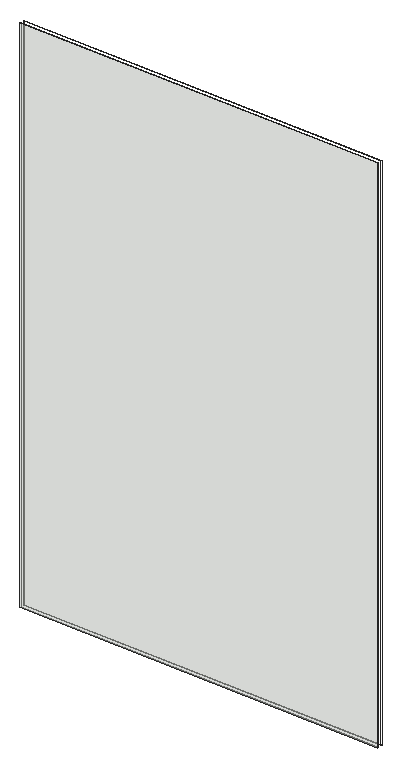
Revit family "Building-Materials_Glass-Glazing_Vitro-Architectural-Glass_SOLARBAN-72", category Curtain Panels, Revit 2026
Family settings
  Classification Number = 23.25.20.14.11.11.17
  Always vertical = Yes
  Cut with Voids When Loaded = No
  Shared = No
Parameters (values of type "Solarban 72 (2) Acuity + Acuity")
  Visual Light Transmittance = if(Glass Code = 1, 0.54, if(Glass Code = 2, 0.68, if(Glass Code = 3, 0.67, 0)))  # 0.67
  UV Light Transmittance = 0.8
  URL = "https://www.vitroglazings.com/"
  U-Value Argon (Winter Night) = 0.2400 BTU/(h·ft²·°F)
  U-Value Argon (Summer Day) = 0.2100 BTU/(h·ft²·°F)
  U-Value Air (Winter Night) = 0.2800 BTU/(h·ft²·°F)
  U-Value Air (Summer Day) = 0.2600 BTU/(h·ft²·°F)
  Total Thickness = Airspace Thickness + [1st Lite Thickness] + [2nd Lite Thickness]  # 0' - 1"
  Thermal Resistance (R) = 8.3333 (h·ft²·°F)/BTU  # constant formula
  Solar Light Transmittance = 0.25
  Solar Heat Gain Coefficient = if(Glass Code = 1, 0.29, if(Glass Code = 2, 0.28, if(Glass Code = 3, 0.28, 0)))  # 0.28
  Shadow Coefficient = 0.32
  Reflectance (Visible Interior) = 14
  Reflectance (Visible Exterior) = 13
  Product data url = "https://www.bimobject.com/vitroarchictecturalglass/product/solarban-glass"
  Product Page URL = "https://www.vitroglazings.com/products/low-e-glass/solarban-72-glass/"
  Product Guid = "b0a5e737-cc59-4a7b-9f32-c2b4f36f3ffc"
  Model = "Solarban 72 (2) Acuity + Acuity"
  Manufacturer = "Vitro Architectural Glass "  # constant formula
  Light to Solar Gain = 2.39
  Keynote = "08900"  # constant formula
  Interior Glass Material = Vitro Architectural-Glass - Acuity
  ISO Damage Weighted Transmittance = 0.462
  Heat Transfer Coefficient (U) = 0.2900 BTU/(h·ft²·°F)  # constant formula
  Glass Code = 3
  Finish = "Glass"  # constant formula
  Exterior Glass Material = Vitro Architectural-Glass - Solarban 72 (2) Acuity
  Description = "Solarban® 72 glass provides high visible light transmittance (VLT), exceptional clarity and superior solar control performance. The exceptionally clear aesthetic makes it the ideal choice for both interior and exterior applications, such as vision and spandrel glass."  # constant formula
  Define Thermal Properties by = Schematic Type
  Assembly Code = "B2020220"
  Analytic Construction = "Low-E double glazing (1/4 in + 1/4 in)"
  Airspace Thickness = 0' - 0 1/2"  # constant formula
  2nd Lite Thickness = 0' - 0 1/4"  # constant formula
  1st Lite Thickness = 0' - 0 1/4"  # constant formula
Types (2): name | Visual Light Transmittance | UV Light Transmittance | Solar Light Transmittance | Model | Light to Solar Gain | Interior Glass Material | ISO Damage Weighted Transmittance | Glass Code | Exterior Glass Material
  Solarban 72 (2) Starphire + Starphire | 0.68 | 0.9 | 0.26 | "Solarban 72 (2) Starphire + Starphire" | 2.43 | Vitro Architectural-Glass - Starphire | 0.471 | 2 | Vitro Architectural-Glass - Solarban 72 (2) Starphire
  Solarban 72 (2) Acuity + Acuity | 0.67 | 0.8 | 0.25 | "Solarban 72 (2) Acuity + Acuity" | 2.39 | Vitro Architectural-Glass - Acuity | 0.462 | 3 | Vitro Architectural-Glass - Solarban 72 (2) Acuity
Reference planes (in)
  plane 1 "Front": y = 0
  plane 2: z = 0
  plane 3 "Center (Left/Right)": x = 0
  plane 4 "Left": x = -32.75106
  plane 5 "Right": x = 32.75106
  plane 6 "Top": z = 96
  plane 7: y = 0.25
  plane 8: y = -0.25
Forms (in)
  Extrusion 1, solid, material "Vitro Architectural-Glass - Acuity" <- "Interior Glass Material"
    sketch origin (0, 0.5, 0) x (1, 0, 0) y (0, 1, 0)
      loop
        line (-32.75106, 0) -> (-32.75106, -0.25) -> (32.75106, -0.25) -> (32.75106, 0) -> (-32.75106, 0)
    from 0 to 96
  Extrusion 2, solid, material "Vitro Architectural-Glass - Solarban 72 (2) Acuity" <- "Exterior Glass Material"
    sketch origin (0, -0.5, 0) x (1, 0, 0) y (0, 1, 0)
      loop
        line (-32.75106, 0.25) -> (-32.75106, 0) -> (32.75106, 0) -> (32.75106, 0.25) -> (-32.75106, 0.25)
    from 0 to 96
Text (in)
  text "Exterior" at (-54.29358, 31.38743, 0), in view "Ref. Level"
  text "Exterior" at (480, 41.53993, 89.60405), in view "Right"
  text "Exterior" at (-240, 57.82419, 105.78864), in view "Left"
Dimensions and locks (in)
  equal spacing: plane 4 "Left", plane 3 "Center (Left/Right)", plane 5 "Right"
  "2nd Lite Thickness": Extrusion 2 sketch curve to Extrusion 2 sketch curve
  equal spacing: plane 7, plane 1 "Front", plane 8
  "Airspace Thickness": plane 7 to plane 8
  "1st Lite Thickness": Extrusion 1 sketch curve to plane 7
  "Total Thickness": Extrusion 2 to Extrusion 1
  aligned and locked: level to plane 2
  aligned and locked: Extrusion 1 sketch curve to plane 4 "Left"
  aligned and locked: plane 5 "Right" to Extrusion 1 sketch curve
  aligned and locked: plane 5 "Right" to Extrusion 2 sketch curve
  aligned and locked: Extrusion 2 sketch curve to plane 4 "Left"
  aligned and locked: Extrusion 1 to plane 6 "Top"
  aligned and locked: Extrusion 1 to level
  aligned and locked: Extrusion 2 to plane 6 "Top"
  aligned and locked: Extrusion 2 to level
  aligned and locked: plane 8 to Extrusion 2
  aligned and locked: plane 7 to Extrusion 1 sketch curve
  aligned and locked: Extrusion 2 sketch curve to plane 8
